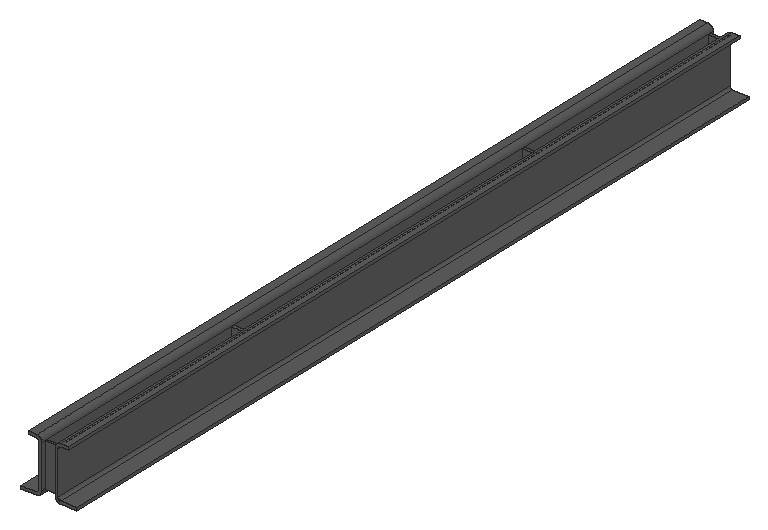
Revit family "EV_ORMA WALER 1,55_1900445", category Generic Models, Revit 2018
Family settings
  Can host rebar = No
  Round Connector Dimension = Use Diameter
  Part Type = Normal
  OmniClass Number = 35.51.14.00
  OmniClass Title = FORMWORK
  Work Plane-Based = Yes
  Always vertical = No
  Cut with Voids When Loaded = No
  Shared = Yes
  Room Calculation Point = No
Parameters (values of type "EV_ORMA WALER 1,55_1900445")
  VERSION = "20190101"  # constant formula
  URL = "www.ulmaconstruction.com/en"
  UNICLASS = ""
  ITEM_CODE = "1900445"
  Manufacturer = "ULMA CONSTRUCTION"  # constant formula
  FILTER [instance] = ""
  Default Elevation = 0.000 mm
  CLASSIFICATION_TITLE = ""
  CLASSIFICATION_NUMBER = ""
Reference planes
  plane 1 "Centro (Frontal/Posterior)": y = 0
  plane 2: z = 0
  plane 3 "Centro (Izquierda/Derecha)": x = 0
  plane 4 "END": y = 775
  plane 5 "START": y = -775
Forms (mm)
  Extrusion 1, solid, material "ULMA BLACK", detail levels fine
    sketch origin (0, 0, 0) x (1, 0, 0) y (0, 0, 1)
      loop
        line (-37.5, 100) -> (-37.5, 95) -> (-22.5, 95)
        arc (-22.5, 95) -> (-18.964, 93.536) -> (-17.5, 90) r 5
        line (-17.5, 90) -> (-17.5, 10)
        arc (-17.5, 10) -> (-18.964, 6.464) -> (-22.5, 5) r 5
        line (-22.5, 5) -> (-52.5, 5) -> (-52.5, 0) -> (-22.5, 0)
        arc (-22.5, 0) -> (-15.429, 2.929) -> (-12.5, 10) r 10
        line (-12.5, 10) -> (-12.5, 90)
        arc (-12.5, 90) -> (-15.429, 97.071) -> (-22.5, 100) r 10
        line (-22.5, 100) -> (-37.5, 100)
      loop
        line (37.5, 100) -> (22.5, 100)
        arc (22.5, 100) -> (15.429, 97.071) -> (12.5, 90) r 10
        line (12.5, 90) -> (12.5, 10)
        arc (12.5, 10) -> (15.429, 2.929) -> (22.5, 0) r 10
        line (22.5, 0) -> (52.5, 0) -> (52.5, 5) -> (22.5, 5)
        arc (22.5, 5) -> (18.964, 6.464) -> (17.5, 10) r 5
        line (17.5, 10) -> (17.5, 90)
        arc (17.5, 90) -> (18.964, 93.536) -> (22.5, 95) r 5
        line (22.5, 95) -> (37.5, 95) -> (37.5, 100)
    from -775 to 775
  Extrusion 2, solid, material "ULMA BLACK", detail levels fine
    sketch origin (0, 0, 0) x (1, 0, 0) y (0, 1, 0)
      loop
        line (-12.5, 768.25) -> (-12.5, 763.25) -> (12.5, 763.25) -> (12.5, 768.25) -> (-12.5, 768.25)
    from 10 to 90
  Extrusion 3, solid, material "ULMA BLACK", detail levels fine
    sketch origin (0, 0, 0) x (1, 0, 0) y (0, 1, 0)
      loop
        line (-12.5, -763.25) -> (-12.5, -768.25) -> (12.5, -768.25) -> (12.5, -763.25) -> (-12.5, -763.25)
    from 10 to 90
  Extrusion 4, solid, material "ULMA BLACK", detail levels fine
    sketch origin (0, 250, 0) x (1, 0, 0) y (0, 1, 0)
      loop
        line (-12.5, -582.75) -> (-12.5, -587.75) -> (12.5, -587.75) -> (12.5, -582.75) -> (-12.5, -582.75)
    from 10 to 90
  Extrusion 5, solid, material "ULMA BLACK", detail levels fine
    sketch origin (0, -250, 0) x (1, 0, 0) y (0, 1, 0)
      loop
        line (-12.5, 587.75) -> (-12.5, 582.75) -> (12.5, 582.75) -> (12.5, 587.75) -> (-12.5, 587.75)
    from 10 to 90
  Extrusion 6, solid, material "ULMA BLACK", detail levels coarse+medium
    sketch origin (0, 0, 0) x (1, 0, 0) y (0, 0, 1)
      loop
        line (-52.5, 0) -> (52.5, 0) -> (52.5, 100) -> (-52.5, 100) -> (-52.5, 0)
    from -775 to 775
Dimensions and locks
  locked: plane 4 "END" to plane 5 "START" at 1550
  aligned and locked: level to plane 2
  aligned and locked: plane 4 "END" to Extrusion 1
  aligned and locked: Extrusion 1 to plane 5 "START"
  aligned and locked: Extrusion 6 to Extrusion 1  (x2)
